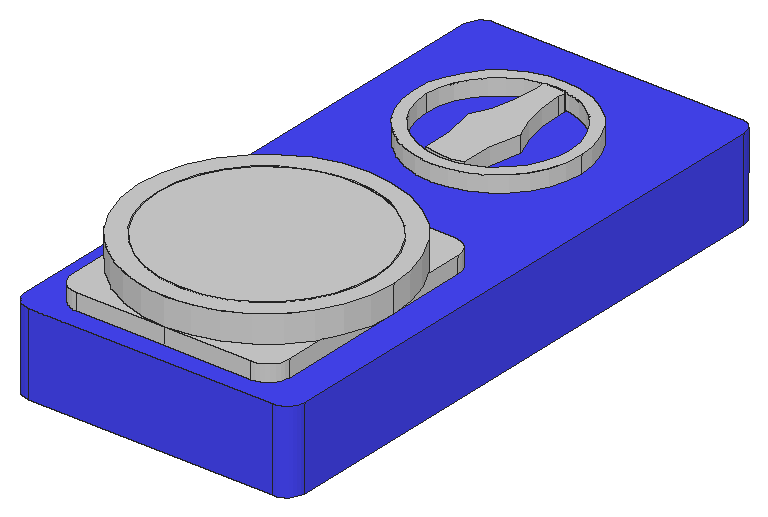
Revit family "Building-ConnessioniIEC309-GEWISS-67IB-PRESE-INTERBLOCCATE_IP67_SENZA_FONDO_MOD", category Apparecchi elettrici, host Superficie, Revit 2019
Family settings
  Host = Superficie
  Mantenere orientamento annotazione = Sì
  Quota connettore circolare = Usa diametro
  Tipo di parte = Normale
  Taglio con vuoti quando caricato = Sì
  Condiviso = Sì
  Punto di calcolo locali = Sì
Parameters (values of type "GW66170N - PR.BL IP67 S.F.3P+N+T 32A 400V 6H MT60C")
  presa = rosso
  giallo = 0 mm
  dist_piano [instance] = 26 mm
  Vista_2d_pianta [instance] = yes
  Versione file RFA = "21.4"
  URL = "https://www.gewiss.com/it/it"
  Tipologia = "Verticale"
  Termopressione con biglia = "125 °C"
  Tensione nominale: = "380 - 415 V"
  Tensione nominale = "380 - 415 V"
  Temperatura di utilizzo = "-25 +40 °C"
  Temperatura di funzionamento = "-25 ÷ +40 °C"
  Struttura = Grigio RAL - 7035
  Simbolo presa = PRESAINDSTAGNA : 3P
  Simbolo [instance] = yes
  Simb_circuito [instance] = not(Simbolo)  # no
  Scheda Tecnica = "https://www.gewiss.com/it/it/search?q=GW66170N"
  SEO = "Presa"
  Riferimento h = "6"
  Resistenza agli urti = "IK08"
  Protezione = "Magnetotermico"
  Default Elevation = 1219.2 mm
  Produttore = "GEWISS S.p.A."
  Numero di poli = "2P+T"
  N. poli = "3P+N+T"
  Modello = "GW66170N"
  Interruttore = "MT 6 kA Curva C"
  Immagine tipo = A.jpg
  IDT = "a7f1347e-7fe6-401d-a8af-d935eaffb75e"
  IDF = "3d99d921-5ba7-457f-9151-77f6686a7810"
  Grado di protezione = "IP67"
  Glow wire test: = "850 °C"
  Glow Wire Test = "850 °C"
  Frequenza nominale (Hz) = "50/60 Hz"
  Frequenza = "50/60 Hz"
  Distanza x [instance] = 0 mm
  Distanza orizzontale simbolo [instance] = 100 mm
  Distanza effettiva x [instance] = 1500 mm - Distanza x  # 1500 mm
  Descrizione = "PR.BL IP67 S.F.3P+N+T 32A 400V 6H MT60C"
  Creato da GEWISS S.p.A. = ""
  Corrente nominale (In) = "32"
  Corrente nominale (A) = "32"
  Corpo presa = GEWISS -BLU
  Cornice simbolo [instance] = yes
  Con fondo = "No"
  Colore: = "Rosso"
  Colore = "Rosso"
  Codice Electrocod = "2222"
  Codice EAN = "8011564741133"
  Catalogo Serie = "67 IB"
  Catalogo = "BUILDING"
  COBie.Tagnumber = ""
  COBie.CreatedOn = ""
  COBie.CreatebBy = ""
  COBie.ComponentRegisterItemID = ""
  COBie.Component.TagNumber = ""
  COBie.Component.Space = ""
  COBie.Component.SerialNumber = ""
  COBie.Component.InstallationDate = ""
  COBie.Component.Description = ""
  COBie.Component.BarCode = ""
Types (18, lengths in mm): name | Tensione nominale: | Tensione nominale | Scheda Tecnica | Riferimento h | Numero di poli | N. poli | Modello | IDT | Descrizione | Corrente nominale (In) | Corrente nominale (A) | Colore: | Colore | Codice EAN
  GW66151N - PR.BL IP67 S.F.2P+T 16A 110V 4H MT60C | "100 - 130 V" | "100 - 130 V" | "https://www.gewiss.com/it/it/search?q=GW66151N" | "4" | "2P+T" | "2P+T" | "GW66151N" | "280c487e-d6da-43be-8d9a-56c276f510c0" | "PR.BL IP67 S.F.2P+T 16A 110V 4H MT60C" | "16" | "16" | "Giallo" | "Giallo" | "8011564740969"
  GW66152N - PR.BL IP67 S.F.3P+T 16A 110V 4H MT60C | "100 - 130 V" | "100 - 130 V" | "https://www.gewiss.com/it/it/search?q=GW66152N" | "4" | "3P+T" | "3P+T" | "GW66152N" | "0375e067-b854-4ca7-bb5d-b574e398fb1a" | "PR.BL IP67 S.F.3P+T 16A 110V 4H MT60C" | "16" | "16" | "Giallo" | "Giallo" | "8011564740976"
  GW66153N - PR.BL IP67 S.F.3P+N+T 16A 110V 4H MT60C | "100 - 130 V" | "100 - 130 V" | "https://www.gewiss.com/it/it/search?q=GW66153N" | "4" | "3P+N+T" | "3P+N+T" | "GW66153N" | "c15b39f4-96c4-48e8-b21e-d1e8542cf272" | "PR.BL IP67 S.F.3P+N+T 16A 110V 4H MT60C" | "16" | "16" | "Giallo" | "Giallo" | "8011564740983"
  GW66154N - PR.BL IP67 S.F.2P+T 16A 230V 6H MT60C | "200 - 250 V" | "200 - 250 V" | "https://www.gewiss.com/it/it/search?q=GW66154N" | "6" | "2P+T" | "2P+T" | "GW66154N" | "125d9dcb-f4de-4703-a0ef-dd9d8cea76e1" | "PR.BL IP67 S.F.2P+T 16A 230V 6H MT60C" | "16" | "16" | "Blu" | "Blu" | "8011564740990"
  GW66155N - PR.BL IP67 S.F.3P+T 16A 230V 9H MT60C | "200 - 250 V" | "200 - 250 V" | "https://www.gewiss.com/it/it/search?q=GW66155N" | "9" | "3P+T" | "3P+T" | "GW66155N" | "6b489335-d57d-4482-97ce-f00b502849de" | "PR.BL IP67 S.F.3P+T 16A 230V 9H MT60C" | "16" | "16" | "Blu" | "Blu" | "8011564741003"
  GW66156N - PR.BL IP67 S.F.3P+N+T 16A 230V 9H MT60C | "200 - 250 V" | "200 - 250 V" | "https://www.gewiss.com/it/it/search?q=GW66156N" | "9" | "3P+N+T" | "3P+N+T" | "GW66156N" | "88ff29fb-67ff-4301-a8ce-8147a9386706" | "PR.BL IP67 S.F.3P+N+T 16A 230V 9H MT60C" | "16" | "16" | "Blu" | "Blu" | "8011564741010"
  GW66157N - PR.BL IP67 S.F.2P+T 16A 400V 9H MT60C | "380 - 415 V" | "380 - 415 V" | "https://www.gewiss.com/it/it/search?q=GW66157N" | "9" | "2P+T" | "2P+T" | "GW66157N" | "1713826b-0331-42f6-977d-3b1ad764ad4b" | "PR.BL IP67 S.F.2P+T 16A 400V 9H MT60C" | "16" | "16" | "Rosso" | "Rosso" | "8011564741027"
  GW66158N - PR.BL IP67 S.F.3P+T 16A 400V 6H MT60C | "380 - 415 V" | "380 - 415 V" | "https://www.gewiss.com/it/it/search?q=GW66158N" | "6" | "3P+T" | "3P+T" | "GW66158N" | "e71b0447-933b-44fe-b03b-9d02754213eb" | "PR.BL IP67 S.F.3P+T 16A 400V 6H MT60C" | "16" | "16" | "Rosso" | "Rosso" | "8011564741034"
  GW66159N - PR.BL IP67 S.F.3P+N+T 16A 400V 6H MT60C | "380 - 415 V" | "380 - 415 V" | "https://www.gewiss.com/it/it/search?q=GW66159N" | "6" | "3P+N+T" | "3P+N+T" | "GW66159N" | "baf39f31-28a4-4099-8de4-750e6066bad7" | "PR.BL IP67 S.F.3P+N+T 16A 400V 6H MT60C" | "16" | "16" | "Rosso" | "Rosso" | "8011564741041"
  GW66162N - PR.BL IP67 S.F.2P+T 32A 110V 4H MT60C | "100 - 130 V" | "100 - 130 V" | "https://www.gewiss.com/it/it/search?q=GW66162N" | "4" | "3P+T" | "2P+T" | "GW66162N" | "504639eb-1ebc-4a00-927b-c21b63c6beda" | "PR.BL IP67 S.F.2P+T 32A 110V 4H MT60C" | "32" | "32" | "Giallo" | "Giallo" | "8011564741058"
  GW66163N - PR.BL IP67 S.F.3P+T 32A 110V 4H MT60C | "100 - 130 V" | "100 - 130 V" | "https://www.gewiss.com/it/it/search?q=GW66163N" | "4" | "3P+N+T" | "3P+T" | "GW66163N" | "1b005a83-67f6-458a-bb24-ad9c4aedddfb" | "PR.BL IP67 S.F.3P+T 32A 110V 4H MT60C" | "32" | "32" | "Giallo" | "Giallo" | "8011564741065"
  GW66164N - PR.BL IP67 S.F.3P+N+T 32A 110V 4H MT60C | "100 - 130 V" | "100 - 130 V" | "https://www.gewiss.com/it/it/search?q=GW66164N" | "4" | "2P+T" | "3P+N+T" | "GW66164N" | "32073e2c-cb5d-450e-961b-e6b2e9a93a57" | "PR.BL IP67 S.F.3P+N+T 32A 110V 4H MT60C" | "32" | "32" | "Giallo" | "Giallo" | "8011564741072"
  GW66165N - PR.BL IP67 S.F.2P+T 32A 230V 6H MT60C | "200 - 250 V" | "200 - 250 V" | "https://www.gewiss.com/it/it/search?q=GW66165N" | "6" | "3P+T" | "2P+T" | "GW66165N" | "a640460b-f246-43fa-9dcf-695a4f90914c" | "PR.BL IP67 S.F.2P+T 32A 230V 6H MT60C" | "32" | "32" | "Blu" | "Blu" | "8011564741089"
  GW66166N - PR.BL IP67 S.F.3P+T 32A 230V 9H MT60C | "200 - 250 V" | "200 - 250 V" | "https://www.gewiss.com/it/it/search?q=GW66166N" | "9" | "3P+N+T" | "3P+T" | "GW66166N" | "f4311082-624e-43ea-aaed-8ec6cd391ee0" | "PR.BL IP67 S.F.3P+T 32A 230V 9H MT60C" | "32" | "32" | "Blu" | "Blu" | "8011564741096"
  GW66167N - PR.BL IP67 S.F.3P+N+T 32A 230V 9H MT60C | "200 - 250 V" | "200 - 250 V" | "https://www.gewiss.com/it/it/search?q=GW66167N" | "9" | "2P+T" | "3P+N+T" | "GW66167N" | "f073d92a-cce3-49a6-b3ff-ae31262cd0bc" | "PR.BL IP67 S.F.3P+N+T 32A 230V 9H MT60C" | "32" | "32" | "Blu" | "Blu" | "8011564741102"
  GW66168N - PR.BL IP67 S.F.2P+T 32A 400V 9H MT60C | "380 - 415 V" | "380 - 415 V" | "https://www.gewiss.com/it/it/search?q=GW66168N" | "9" | "3P+T" | "2P+T" | "GW66168N" | "fba403d5-28f3-4002-b340-79907503e491" | "PR.BL IP67 S.F.2P+T 32A 400V 9H MT60C" | "32" | "32" | "Rosso" | "Rosso" | "8011564741119"
  GW66169N - PR.BL IP67 S.F.3P+T 32A 400V 6H MT60C | "380 - 415 V" | "380 - 415 V" | "https://www.gewiss.com/it/it/search?q=GW66169N" | "6" | "3P+N+T" | "3P+T" | "GW66169N" | "c75e6b8a-43b1-499e-b90e-15541d11c266" | "PR.BL IP67 S.F.3P+T 32A 400V 6H MT60C" | "32" | "32" | "Rosso" | "Rosso" | "8011564741126"
  GW66170N - PR.BL IP67 S.F.3P+N+T 32A 400V 6H MT60C | "380 - 415 V" | "380 - 415 V" | "https://www.gewiss.com/it/it/search?q=GW66170N" | "6" | "2P+T" | "3P+N+T" | "GW66170N" | "a7f1347e-7fe6-401d-a8af-d935eaffb75e" | "PR.BL IP67 S.F.3P+N+T 32A 400V 6H MT60C" | "32" | "32" | "Rosso" | "Rosso" | "8011564741133"
Reference planes
  plane 1 "Centro (Fronte/Retro)": y = 0
  plane 2: z = 0
  plane 3 "Centro (Sinistra/Destra)": x = 0
  plane 4: z = -2
  plane 5: x = 0
  plane 6: x = -1500
  plane 7: x = 0
  plane 8: through (-170.762, -4572, -38.353) normal (-0.6157, 0, 0.788)
  plane 9: x = -51.152
  plane 10: x = 53.222
  plane 11: z = 24
  plane 12: y = -110
  plane 13: y = 110
  plane 14: z = 24
  plane 15: z = 71
Forms (mm)
  Extrusion 1, solid, detail levels coarse
    sketch origin (0, 0, 0) x (1, 0, 0) y (0, 0, 1)
      loop
        line (-51.152, 71) -> (-51.152, 24) -> (53.222, 24) -> (53.222, 71) -> (-51.152, 71)
    from -108.895 to 109.105
Lines and regions (mm)
  Masking region 1, visible <- "Vista_2d_pianta"
    outline origin (0, 0, 0) x (1, 0, 0) y (0, 0, 1)
      loop
        line (-50.384, 54) -> (-50.384, 24) -> (52.616, 24) -> (52.616, 54) -> (-50.384, 54)
  Masking region 2, visible <- "Vista_2d_pianta"
    outline origin (0, 0, 0) x (1, 0, 0) y (0, 0, 1)
      loop
        line (-40, 60) -> (-40, 54) -> (40, 54) -> (40, 60) -> (-40, 60)
  Masking region 3, visible <- "Vista_2d_pianta"
    outline origin (0, 0, 0) x (1, 0, 0) y (0, 0, 1)
      loop
        line (-46.899, 60) -> (46.899, 60) -> (46.899, 70) -> (-46.899, 70) -> (-46.899, 60)
Dimensions and locks
  locked: plane 2 to plane 4 at 2
  "Distanza effettiva x": plane 5 to plane 6
  plane 3 "Centro (Sinistra/Destra)" to plane 6 = 1500 mm
  plane 6 to plane 5 = 1500 mm
  "Distanza effettiva x": plane 6 to plane 7
  locked: plane 9 to Masking region 1 at 0.768
  locked: Masking region 1 to plane 10 at 0.606
  "dist_piano": plane 14 to plane 4
  equal spacing: plane 12, plane 1 "Centro (Fronte/Retro)", plane 13
  locked: plane 12 to plane 13 at 220
  locked: plane 11 to plane 14 at 0
  locked: plane 15 to plane 11 at 47
  angle plane 8 to plane 4 = 142.00°
  angle plane 7 to plane 8 = 128.00°
  aligned and locked: plane 2 to host face
  aligned and locked: level to host face
  aligned and locked: plane 3 "Centro (Sinistra/Destra)" to nested 1
  aligned and locked: Masking region 1 sketch curve to nested 1  (x4)
  aligned and locked: Masking region 2 sketch curve to nested 1  (x4)
  aligned and locked: Extrusion 1 sketch curve to plane 9
  aligned and locked: Extrusion 1 sketch curve to plane 10
  aligned and locked: nested 1 to plane 11
  aligned and locked: Masking region 3 sketch curve to nested 1  (x4)
  aligned and locked: Extrusion 1 to plane 14
  aligned and locked: plane 15 to Extrusion 1
  aligned and locked: plane 7 to nested 2
  aligned and locked: plane 7 to nested 3
Automatic sketch dimensions
  host sketch curve to host sketch curve = 2438.4 mm  (x2)
  Extrusion 1 sketch curve to plane 11 = 0 mm
  plane 11 to Extrusion 1 sketch curve = 47 mm
Nested families
  nested 1: "IB PRESE INTERBLOC VERT_NO FONDO" at (0, 0, 24), type "IB PRESE INTERBLOC VERT_NO FONDO", detail levels medium+fine
  nested 2: "simbolo_circuitoGW66201N" at (0, 30.442, 0), Distanza dal muro <- "Distanza orizzontale simbolo", SIMBOLO ACCESO <- "Simb_circuito", type "3P"
    with SIMBOLO ACCESO no, Distanza dal muro 100 mm, BORDO ACCESO yes
  nested 3: "PRESAINDSTAGNA" at (0, 23.722, 0), Distanza dal muro <- "Distanza orizzontale simbolo", SIMBOLO ACCESO <- "Simbolo", type "3P"
    with SIMBOLO ACCESO yes, Distanza dal muro 100 mm, BORDO ACCESO yes
Definition of nested family "IB PRESE INTERBLOC VERT_NO FONDO"
  Parameters (values of type "IB PRESE INTERBLOC VERT_NO FONDO")
    corpo presa = none
    Struttura = none
    Spessore = 30 mm
    Raggio = 40 mm
    Default Elevation = 14 mm
    Presa = none
    Lunghezza = 103 mm
    IFC.TypeObject = ""
    IFC.ExportType = ""
    IFC.ExportAs = ""
    H_da terra = 586.883 mm
    COBie.CreatedOn = ""
    COBie.CreatebBy = ""
    COBie.ComponentRegisterItemID = ""
    COBie.Component.TagNumber = ""
    COBie.Component.Space = ""
    COBie.Component.SerialNumber = ""
    COBie.Component.InstallationDate = ""
    COBie.Component.Description = ""
    COBie.Component.BarCode = ""
    Altezza = 220 mm
  Reference planes
    plane 1 "Centro (Fronte/Retro)": y = 0
    plane 2: z = 0
    plane 3 "Centro (Sinistra/Destra)": x = 0
    plane 4: z = 6.883
    plane 5: z = 10.499
    plane 6 "presa": z = 46
    plane 7: z = 36
    plane 8: z = 30
    plane 9: x = -40
    plane 10: x = 40
    plane 11: y = -5.355
    plane 12: y = -98.612
    plane 13: y = -51.359
  Forms (mm)
    Extrusion 1, solid, material <- "Struttura"
      sketch origin (0, -697.104, -30) x (1, 0, 0) y (0, 1, 0)
        loop
          line (-0.408, 691.748) -> (-32.003, 691.748)
          spline (-32.003, 691.748) -> (-33.047, 691.681) -> (-34.073, 691.48) -> (-35.063, 691.148) -> (-36.002, 690.693) -> (-36.871, 690.12) -> (-37.658, 689.441) -> (-38.347, 688.666) -> (-38.929, 687.809) -> (-39.391, 686.885) -> (-39.728, 685.909) -> (-39.932, 684.898) -> (-40, 683.87)
          line (-40, 683.87) -> (-40, 606.37)
          spline (-40, 606.37) -> (-39.932, 605.341) -> (-39.728, 604.331) -> (-39.391, 603.355) -> (-38.929, 602.43) -> (-38.347, 601.574) -> (-37.658, 600.799) -> (-36.871, 600.119) -> (-36.002, 599.547) -> (-35.063, 599.091) -> (-34.073, 598.76) -> (-33.047, 598.559) -> (-32.003, 598.491)
          line (-32.003, 598.491) -> (0, 598.491) -> (32.003, 598.491)
          spline (32.003, 598.491) -> (33.047, 598.559) -> (34.073, 598.76) -> (35.063, 599.091) -> (36.002, 599.547) -> (36.871, 600.119) -> (37.658, 600.799) -> (38.347, 601.574) -> (38.929, 602.43) -> (39.391, 603.355) -> (39.728, 604.331) -> (39.932, 605.341) -> (40, 606.37)
          line (40, 606.37) -> (40, 683.87)
          spline (40, 683.87) -> (39.932, 684.898) -> (39.728, 685.909) -> (39.391, 686.885) -> (38.929, 687.809) -> (38.347, 688.666) -> (37.658, 689.441) -> (36.871, 690.12) -> (36.002, 690.693) -> (35.063, 691.148) -> (34.073, 691.48) -> (33.047, 691.681) -> (32.003, 691.748)
          line (32.003, 691.748) -> (-0.408, 691.748)
      from 60 to 66
    Extrusion 2, solid, material <- "Presa"
      sketch origin (0, -700.854, -30) x (1, 0, 0) y (0, 1, 0)
        loop
          circle (0, 649.495) r 46.899
        loop
          circle (0, 649.495) r 40
      from 66 to 76
    Extrusion 3, solid, material <- "Struttura"
      sketch origin (0, -697.104, -30) x (1, 0, 0) y (0, 1, 0)
        loop
          circle (0, 752.384) r 30.831
        loop
          circle (0, 752.384) r 26.483
      from 60 to 66
    Extrusion 4, solid, material <- "Struttura"
      sketch origin (0, -697.104, -30) x (1, 0, 0) y (0, 1, 0)
        loop
          arc (-9.552, 750.899) -> (-7.429, 739.645) -> (-7.314, 728.193) r 64.983
          arc (-7.314, 728.193) -> (-0.131, 727.067) -> (7.064, 728.115) r 24.316
          arc (7.064, 728.115) -> (7.302, 739.566) -> (9.547, 750.796) r 64.983
          arc (9.547, 750.796) -> (5.519, 762.425) -> (4.215, 774.661) r 54.251
          line (4.215, 774.661) -> (4.25, 777.658)
          arc (4.25, 777.658) -> (3.985, 778.329) -> (3.336, 778.647) r 1
          arc (3.336, 778.647) -> (0.147, 778.794) -> (-3.043, 778.682) r 39.364
          arc (-3.043, 778.682) -> (-3.695, 778.371) -> (-3.967, 777.702) r 1
          line (-3.967, 777.702) -> (-3.964, 774.706)
          arc (-3.964, 774.706) -> (-5.4, 762.483) -> (-9.552, 750.899) r 54.251
      from 60 to 66
    Extrusion 5, solid, material <- "corpo presa"
      sketch origin (-2.5, -699.604, -30) x (1, 0, 0) y (0, 1, 0)
        loop
          arc (55.116, 802.193) -> (53.269, 806.652) -> (48.81, 808.499) r 6.306
          line (48.81, 808.499) -> (-41.578, 808.499)
          arc (-41.578, 808.499) -> (-46.037, 806.652) -> (-47.884, 802.193) r 6.306
          line (-47.884, 802.193) -> (-47.884, 600.052)
          arc (-47.884, 600.052) -> (-45.976, 595.446) -> (-41.369, 593.537) r 6.515
          line (-41.369, 593.537) -> (48.601, 593.537)
          arc (48.601, 593.537) -> (53.208, 595.446) -> (55.116, 600.052) r 6.515
          line (55.116, 600.052) -> (55.116, 802.193)
      from 30 to 60
    Extrusion 6, solid, material <- "Struttura", not visible
      sketch origin (0, 47.014, -580) x (1, 0, 0) y (0, 0, 1)
        loop
          line (-0.408, 691.748) -> (-29.506, 691.748)
          spline (-29.506, 691.748) -> (-30.55, 691.681) -> (-31.576, 691.48) -> (-32.567, 691.148) -> (-33.505, 690.693) -> (-34.375, 690.12) -> (-35.161, 689.441) -> (-35.851, 688.666) -> (-36.432, 687.809) -> (-36.895, 686.885) -> (-37.231, 685.909) -> (-37.435, 684.898) -> (-37.503, 683.87)
          line (-37.503, 683.87) -> (-37.503, 615.12)
          spline (-37.503, 615.12) -> (-37.435, 614.091) -> (-37.231, 613.081) -> (-36.895, 612.105) -> (-36.432, 611.18) -> (-35.851, 610.324) -> (-35.161, 609.549) -> (-34.375, 608.869) -> (-33.505, 608.297) -> (-32.567, 607.841) -> (-31.576, 607.51) -> (-30.55, 607.309) -> (-29.506, 607.241)
          line (-29.506, 607.241) -> (0, 607.241) -> (29.506, 607.241)
          spline (29.506, 607.241) -> (30.55, 607.309) -> (31.576, 607.51) -> (32.567, 607.841) -> (33.505, 608.297) -> (34.375, 608.869) -> (35.161, 609.549) -> (35.851, 610.324) -> (36.432, 611.18) -> (36.895, 612.105) -> (37.231, 613.081) -> (37.435, 614.091) -> (37.503, 615.12)
          line (37.503, 615.12) -> (37.503, 683.87)
          spline (37.503, 683.87) -> (37.435, 684.898) -> (37.231, 685.909) -> (36.895, 686.885) -> (36.432, 687.809) -> (35.851, 688.666) -> (35.161, 689.441) -> (34.375, 690.12) -> (33.505, 690.693) -> (32.567, 691.148) -> (31.576, 691.48) -> (30.55, 691.681) -> (29.506, 691.748)
          line (29.506, 691.748) -> (-0.408, 691.748)
      from 51.991 to 55.821
    Extrusion 7, solid, material <- "Presa", not visible
      sketch origin (0, 47.014, -580) x (1, 0, 0) y (0, 0, 1)
        loop
          circle (0, 646.456) r 46.899
      from 55.821 to 62.709
    Extrusion 8, solid, material <- "Struttura", not visible
      sketch origin (0, 47.014, -580) x (1, 0, 0) y (0, 0, 1)
        loop
          circle (0, 752.384) r 30.831
        loop
          circle (0, 752.384) r 26.483
      from 51.991 to 62.709
    Extrusion 9, solid, material <- "Struttura", not visible
      sketch origin (0, 47.014, -580) x (1, 0, 0) y (0, 0, 1)
        loop
          arc (-9.552, 750.899) -> (-7.429, 739.645) -> (-7.314, 728.193) r 64.983
          arc (-7.314, 728.193) -> (-0.131, 727.067) -> (7.064, 728.115) r 24.316
          arc (7.064, 728.115) -> (7.302, 739.566) -> (9.547, 750.796) r 64.983
          arc (9.547, 750.796) -> (5.519, 762.425) -> (4.215, 774.661) r 54.251
          line (4.215, 774.661) -> (4.25, 777.658)
          arc (4.25, 777.658) -> (3.985, 778.329) -> (3.336, 778.647) r 1
          arc (3.336, 778.647) -> (0.147, 778.794) -> (-3.043, 778.682) r 39.364
          arc (-3.043, 778.682) -> (-3.695, 778.371) -> (-3.967, 777.702) r 1
          line (-3.967, 777.702) -> (-3.964, 774.706)
          arc (-3.964, 774.706) -> (-5.4, 762.483) -> (-9.552, 750.899) r 54.251
      from 51.991 to 62.709
    Extrusion 10, solid, material <- "corpo presa", not visible
      sketch origin (0, 47.014, -580) x (1, 0, 0) y (0, 0, 1)
        loop
          arc (47.884, 796.962) -> (46.037, 801.42) -> (41.578, 803.267) r 6.306
          line (41.578, 803.267) -> (-41.578, 803.267)
          arc (-41.578, 803.267) -> (-46.037, 801.42) -> (-47.884, 796.962) r 6.306
          line (-47.884, 796.962) -> (-47.884, 597.014)
          arc (-47.884, 597.014) -> (-45.976, 592.407) -> (-41.369, 590.499) r 6.515
          line (-41.369, 590.499) -> (41.369, 590.499)
          arc (41.369, 590.499) -> (45.976, 592.407) -> (47.884, 597.014) r 6.515
          line (47.884, 597.014) -> (47.884, 796.962)
      from 30 to 51.991
    Extrusion 11, solid, material <- "Struttura"
      sketch origin (1.116, -3.75, 0) x (1, 0, 0) y (0, 1, 0)
        loop
          circle (-1.116, -47.609) r 40
      from 36 to 46
  Lines and regions (mm)
    symbolic lines
      curve 1: line (0, 0, 46) -> (0, -106.066, 46)
      curve 2: line (-40, -51.359, 46) -> (40, -51.359, 46)
  Dimensions and locks
    locked: plane 5 to plane 4 at 3.616
    Extrusion 5 sketch curve to Extrusion 5 sketch curve = 103 mm
    plane 6 "presa" to plane 2 = 46 mm
    locked: plane 7 to plane 6 "presa" at 10
    plane 8 to plane 2 = 30 mm
    locked: plane 8 to plane 7 at 6
    equal spacing: plane 9, plane 3 "Centro (Sinistra/Destra)", plane 10
    locked: plane 9 to plane 10 at 80
    Extrusion 1 to Extrusion 1 = 93.257 mm
    "Raggio": radius of Extrusion 11 sketch curve
    "Raggio": radius of Extrusion 2 sketch curve
    aligned and locked: level to plane 2
    aligned and locked: Extrusion 3 to Extrusion 5
    aligned and locked: Extrusion 4 to Extrusion 3
    aligned and locked: Extrusion 3 to Extrusion 4
    aligned and locked: Extrusion 2 to Extrusion 1
    aligned and locked: Extrusion 5 to level
    aligned and locked: plane 6 "presa" to Extrusion 2
    aligned and locked: Extrusion 11 to Extrusion 1
    aligned and locked: plane 6 "presa" to Extrusion 11
    aligned and locked: Extrusion 1 to plane 7
    aligned and locked: Extrusion 5 to plane 8
    aligned and locked: plane 8 to Extrusion 1
    aligned and locked: Extrusion 3 to plane 7
    aligned and locked: curve 1 to plane 3 "Centro (Sinistra/Destra)"
    aligned and locked: Extrusion 1 sketch curve to plane 9
    aligned and locked: Extrusion 1 sketch curve to plane 10
    aligned and locked: plane 12 to Extrusion 1 sketch curve
    aligned and locked: curve 2 to plane 13
    aligned and locked: plane 3 "Centro (Sinistra/Destra)" to Extrusion 11 sketch curve
    aligned and locked: plane 13 to Extrusion 11 sketch curve
  Automatic sketch dimensions
    Extrusion 1 sketch curve to plane 3 "Centro (Sinistra/Destra)" = 0 mm
    Extrusion 1 sketch curve to plane 3 "Centro (Sinistra/Destra)" = 0.408 mm
    Extrusion 1 sketch curve to Extrusion 1 sketch curve = 32.003 mm
    plane 1 "Centro (Fronte/Retro)" to Extrusion 1 sketch curve = 5.355 mm
    Extrusion 1 sketch curve to Extrusion 1 sketch curve = 7.997 mm  (x2)
    plane 3 "Centro (Sinistra/Destra)" to Extrusion 1 sketch curve = 32.003 mm
    Extrusion 1 sketch curve to Extrusion 1 sketch curve = 7.878 mm  (x3)
    Extrusion 3 sketch curve to Extrusion 3 sketch curve = 0 mm  (x2)
    Extrusion 3 sketch curve to plane 3 "Centro (Sinistra/Destra)" = 0 mm
    Extrusion 3 sketch curve to plane 1 "Centro (Fronte/Retro)" = 55.28 mm
    Extrusion 4 sketch curve to plane 3 "Centro (Sinistra/Destra)" = 0 mm
    Extrusion 4 sketch curve to plane 3 "Centro (Sinistra/Destra)" = 0.064 mm
    Extrusion 4 sketch curve to plane 3 "Centro (Sinistra/Destra)" = 2.967 mm
    Extrusion 4 sketch curve to Extrusion 4 sketch curve = 0.997 mm
    Extrusion 4 sketch curve to Extrusion 4 sketch curve = 1 mm  (x2)
    Extrusion 4 sketch curve to Extrusion 4 sketch curve = 54.251 mm
    Extrusion 4 sketch curve to Extrusion 4 sketch curve = 13.883 mm
    plane 3 "Centro (Sinistra/Destra)" to Extrusion 4 sketch curve = 3.25 mm
    Extrusion 4 sketch curve to Extrusion 4 sketch curve = 0.965 mm
    Extrusion 4 sketch curve to Extrusion 4 sketch curve = 54.25 mm
    Extrusion 4 sketch curve to Extrusion 4 sketch curve = 13.435 mm
    Extrusion 4 sketch curve to plane 1 "Centro (Fronte/Retro)" = 35.393 mm
    Extrusion 4 sketch curve to plane 1 "Centro (Fronte/Retro)" = 36.167 mm
    Extrusion 4 sketch curve to plane 1 "Centro (Fronte/Retro)" = 42.327 mm
    Extrusion 4 sketch curve to Extrusion 4 sketch curve = 11.953 mm
    Extrusion 4 sketch curve to Extrusion 4 sketch curve = 41.757 mm
    Extrusion 4 sketch curve to Extrusion 4 sketch curve = 23.278 mm
    Extrusion 4 sketch curve to Extrusion 4 sketch curve = 0.044 mm
    Extrusion 4 sketch curve to Extrusion 4 sketch curve = 41.61 mm
    Extrusion 4 sketch curve to Extrusion 4 sketch curve = 2.99 mm
    Extrusion 4 sketch curve to Extrusion 4 sketch curve = 0.007 mm
    Extrusion 4 sketch curve to Extrusion 4 sketch curve = 2.979 mm
    Extrusion 4 sketch curve to Extrusion 4 sketch curve = 0.018 mm
    Extrusion 4 sketch curve to Extrusion 4 sketch curve = 0 mm
    Extrusion 4 sketch curve to plane 3 "Centro (Sinistra/Destra)" = 7.314 mm
    Extrusion 4 sketch curve to Extrusion 4 sketch curve = 9.552 mm
    plane 3 "Centro (Sinistra/Destra)" to Extrusion 4 sketch curve = 7.064 mm
    Extrusion 5 sketch curve to plane 3 "Centro (Sinistra/Destra)" = 50.384 mm
    Extrusion 5 sketch curve to Extrusion 5 sketch curve = 6.306 mm  (x2)
    Extrusion 5 sketch curve to Extrusion 5 sketch curve = 6.515 mm  (x2)
    Extrusion 5 sketch curve to plane 1 "Centro (Fronte/Retro)" = 102.59 mm
    Extrusion 1 sketch curve to plane 12 = 7.878 mm
    plane 12 to Extrusion 5 sketch curve = 0.939 mm
    plane 1 "Centro (Fronte/Retro)" to curve 1 = 0 mm
    curve 2 to plane 9 = 0 mm
    curve 2 to plane 10 = 0 mm
    plane 12 to curve 1 = 7.454 mm
    Extrusion 2 sketch curve to Extrusion 2 sketch curve = 0 mm  (x2)
    Extrusion 2 sketch curve to plane 3 "Centro (Sinistra/Destra)" = 0 mm
    Extrusion 2 sketch curve to plane 13 = 0 mm
    radius of Extrusion 3 sketch curve = 30.831 mm
    radius of Extrusion 3 sketch curve = 26.483 mm
    radius of Extrusion 2 sketch curve = 46.899 mm
Definition of nested family "simbolo_circuitoGW66201N"
  Parameters (values of type "3P")
    SIMBOLO ACCESO [instance] = yes
    SIMBOLO = PRESAINDSTAGNA_BASE : 3P
    Distanza dal muro [instance] = 0 mm
    BORDO ACCESO [instance] = yes
  Reference planes
    plane 1: y = 0
    plane 2: x = 0
  Dimensions and locks
    "Distanza dal muro": plane 1 to nested 1
    aligned and locked: plane 2 to nested 1
  Nested families
    nested 1: "GW66201N-simb_base_di circuito" at (0, 0, 0), visible <- "SIMBOLO ACCESO", type "3P"
      with CORNICE SIMBOLO yes
  Definition of nested family "GW66201N-simb_base_di circuito"
    Parameters (values of type "3P")
      CORNICE SIMBOLO [instance] = yes
      3P = yes
    Types (2, lengths in mm): name | 3P
      3P | yes
      2P | no
    Reference planes
      plane 1: y = 0
      plane 2: x = 0
    Lines and regions (mm)
      detail lines, not visible
        curve 1: line (-2.443, 10.208, 0) -> (2.057, 10.208, 0)
        curve 2: line (2.057, 10.208, 0) -> (2.057, 4.208, 0)
        curve 3: line (2.057, 4.208, 0) -> (-2.443, 4.208, 0)
        curve 4: line (-2.443, 4.208, 0) -> (-2.443, 10.208, 0)
        curve 5: line (-2.043, 9.808, 0) -> (1.657, 9.808, 0)
        curve 6: line (1.657, 9.808, 0) -> (1.657, 4.608, 0)
        curve 7: line (1.657, 4.608, 0) -> (-2.043, 4.608, 0)
        curve 8: line (-2.043, 4.608, 0) -> (-2.043, 9.808, 0)
    Dimensions and locks
      aligned and locked: import instance to plane 2
      aligned and locked: plane 1 to import instance
Definition of nested family "PRESAINDSTAGNA"
  Parameters (values of type "3P")
    SIMBOLO ACCESO [instance] = yes
    SIMBOLO = PRESAINDSTAGNA_BASE : 3P
    Distanza dal muro [instance] = 0 mm
    BORDO ACCESO [instance] = yes
  Types (2): name
    2P
    3P
  Reference planes
    plane 1: y = 0
    plane 2: x = 0
  Dimensions and locks
    "Distanza dal muro": plane 1 to nested 1
    aligned and locked: plane 2 to nested 1
  Nested families
    nested 1: "PRESAINDSTAGNA_BASE" at (0, 0, 0), type <- "SIMBOLO", CORNICE SIMBOLO <- "BORDO ACCESO", visible <- "SIMBOLO ACCESO", type "3P"
  Definition of nested family "PRESAINDSTAGNA_BASE"
    Parameters (values of type "3P")
      CORNICE SIMBOLO [instance] = yes
      3P = yes
    Types (2, lengths in mm): name | 3P
      3P | yes
      2P | no
    Reference planes
      plane 1: y = 0
      plane 2: x = 0
    Lines and regions (mm)
      detail lines, not visible
        curve 1: line (-2.443, 10.208, 0) -> (2.057, 10.208, 0)
        curve 2: line (2.057, 10.208, 0) -> (2.057, 4.208, 0)
        curve 3: line (2.057, 4.208, 0) -> (-2.443, 4.208, 0)
        curve 4: line (-2.443, 4.208, 0) -> (-2.443, 10.208, 0)
        curve 5: line (-2.043, 9.808, 0) -> (1.657, 9.808, 0)
        curve 6: line (1.657, 9.808, 0) -> (1.657, 4.608, 0)
        curve 7: line (1.657, 4.608, 0) -> (-2.043, 4.608, 0)
        curve 8: line (-2.043, 4.608, 0) -> (-2.043, 9.808, 0)
      detail lines
        curve 9: line (-0.333, 0.928, 0) -> (-0.05, 0.928, 0)
        curve 10: line (-0.05, 0.928, 0) -> (0.417, 1.737, 0)
        curve 11: line (0.417, 1.737, 0) -> (0.764, 1.537, 0)
        curve 12: line (-0.05, 0.928, 0) -> (-0.333, 0.437, 0)
        curve 13: line (-0.333, 0.437, 0) -> (-0.333, 2.059, 0)
        curve 14: line (0.222, 1.399, 0) -> (0.569, 1.199, 0)
        curve 15: line (-0.723, 0.437, 0) -> (0.057, 0.437, 0)
        curve 16: line (-0.333, 0.81, 0) -> (-0.216, 0.928, 0)
        curve 17: line (-0.333, 0.741, 0) -> (-0.147, 0.928, 0)
        curve 18: line (-0.333, 0.672, 0) -> (-0.078, 0.928, 0)
        curve 19: line (-0.333, 0.603, 0) -> (-0.106, 0.831, 0)
        curve 20: line (-0.333, 0.534, 0) -> (-0.2, 0.668, 0)
        curve 22: arc (-0.723, 0.047, 0) -> (-0.333, 0.437, 0) -> (0.057, 0.047, 0) r 0.39
        curve 23: line (-0.8, 2.1, 0) -> (0.8, 2.1, 0)
        curve 24: line (-0.8, 0, 0) -> (-0.8, 2.1, 0)
        curve 25: line (0.8, 0, 0) -> (-0.8, 0, 0)
        curve 26: line (0.8, 2.1, 0) -> (0.8, 0, 0)
      detail lines, visible <- "3P"
        curve 21: line (0.028, 1.061, 0) -> (0.374, 0.861, 0)
